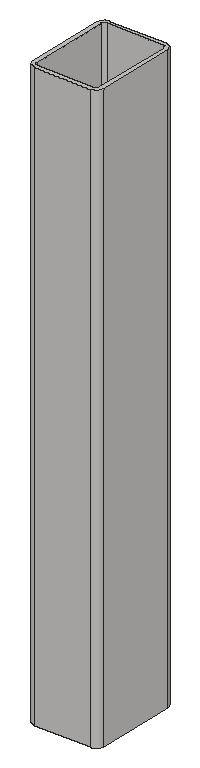
Revit family "NLRS_28_SC_RHS", category Structural Columns, Revit 2020
Family settings
  Section Shape = Rectangular HSS
  Material for Model Behavior = Steel
  Always export as geometry = No
  Beam cutback in plan = From bounding box
  Code Name = EN 10219-2; DIN EN 10219-2
  Cut with Voids When Loaded = No
  Symbolic Representation = From Project Settings
  Shared = No
  Show family pre-cut in plan views = Yes
Parameters (values of type "K400/300/16")
  Width = 300 mm
  Wall Nominal Thickness = 16 mm
  Wall Design Thickness = 16.0 mm
  Type Comments = ""
  Torsional Moment of Inertia = 58730.00 cm4
  Torsional Modulus = 3159.0 cm³
  Structural Material [instance] = h3_Structural Steel - S235
  Section Name Key = "RHS400X300X16"
  Section Area = 203.0 cm²
  Plastic Modulus weak axis = 2228.0 cm³
  Plastic Modulus strong axis = 2708.0 cm³
  Perimeter = 1.32 m²/m
  Outer Fillet = 32 mm
  Nominal Weight = 159.00 kgf/m
  Moment of Inertia weak axis = 28535.00 cm4
  Moment of Inertia strong axis = 44350.00 cm4
  Inner Fillet = 16 mm
  Height = 400 mm
  Elastic Modulus weak axis = 1902.0 cm³
  Elastic Modulus strong axis = 2218.0 cm³
  Centroid Vertical = Height / 2  # 200.0 mm
  Centroid Horizontal = Width / 2  # 150.0 mm
  Assembly Code = "2B(28.10)"
Types (163, lengths in mm): name | Width | Wall Nominal Thickness | Wall Design Thickness | Torsional Moment of Inertia | Torsional Modulus | Section Name Key | Section Area | Plastic Modulus weak axis | Plastic Modulus strong axis | Perimeter | Outer Fillet | Nominal Weight | Moment of Inertia weak axis | Moment of Inertia strong axis | Inner Fillet | Height | Elastic Modulus weak axis | Elastic Modulus strong axis | Centroid Vertical | Centroid Horizontal
  K400/300/16 | 300 | 16 | 16.0 | 58730.00 cm4 | 3159.0 cm³ | "RHS400X300X16" | 203.0 cm² | 2228.0 cm³ | 2708.0 cm³ | 1.32 m²/m | 32 | 159.00 kgf/m | 28535.00 cm4 | 44350.00 cm4 | 16 | 400 | 1902.0 cm³ | 2218.0 cm³ | 200.0 | 150.0
  K400/300/12.5 | 300 | 12.5 | 12.5 | 47237.00 cm4 | 2580.0 cm³ | "RHS400X300X12.5" | 162.0 cm² | 1810.0 cm³ | 2198.0 cm³ | 1.34 m²/m | 25 | 127.00 kgf/m | 23517.00 cm4 | 36489.00 cm4 | 12.5 | 400 | 1568.0 cm³ | 1824.0 cm³ | 200.0 | 150.0
  K400/300/12 | 300 | 12 | 12.0 | 45527.00 cm4 | 2492.0 cm³ | "R400X300X12" | 156.0 cm² | 1747.0 cm³ | 2122.0 cm³ | 1.34 m²/m | 24 | 123.00 kgf/m | 22747.00 cm4 | 35284.00 cm4 | 12 | 400 | 1516.0 cm³ | 1764.0 cm³ | 200.0 | 150.0
  K400/300/10 | 300 | 10 | 10.0 | 38407.00 cm4 | 2132.0 cm³ | "R400X300X10" | 133.0 cm² | 1501.0 cm³ | 1824.0 cm³ | 1.36 m²/m | 20 | 104.00 kgf/m | 19726.00 cm4 | 30609.00 cm4 | 10 | 400 | 1315.0 cm³ | 1530.0 cm³ | 200.0 | 150.0
  K400/300/8 | 300 | 8 | 8.0 | 31179.00 cm4 | 1747.0 cm³ | "R400X300X8" | 107.0 cm² | 1224.0 cm³ | 1487.0 cm³ | 1.37 m²/m | 16 | 84.20 kgf/m | 16212.00 cm4 | 25122.00 cm4 | 8 | 400 | 1081.0 cm³ | 1256.0 cm³ | 200.0 | 150.0
  K400/200/16 | 200 | 16 | 16.0 | 28928.00 cm4 | 1984.0 cm³ | "RHS400X200X16" | 171.0 cm² | 1294.0 cm³ | 2093.0 cm³ | 1.12 m²/m | 32 | 134.00 kgf/m | 11056.00 cm4 | 32547.00 cm4 | 16 | 400 | 1106.0 cm³ | 1627.0 cm³ | 200.0 | 100.0
  K400/200/12.5 | 200 | 12.5 | 12.5 | 23594.00 cm4 | 1644.0 cm³ | "R400X200X12.5" | 137.0 cm² | 1062.0 cm³ | 1714.0 cm³ | 1.14 m²/m | 25 | 108.00 kgf/m | 9260.00 cm4 | 27100.00 cm4 | 12.5 | 400 | 926.0 cm³ | 1355.0 cm³ | 200.0 | 100.0
  K400/200/8 | 200 | 8 | 8.0 | 15820.00 cm4 | 1133.0 cm³ | "R400X200X8" | 91.2 cm² | 728.0 cm³ | 1173.0 cm³ | 1.17 m²/m | 16 | 71.60 kgf/m | 6517.00 cm4 | 18974.00 cm4 | 8 | 400 | 652.0 cm³ | 949.0 cm³ | 200.0 | 100.0
  K350/250/16 | 250 | 16 | 16.0 | 35497.00 cm4 | 2220.0 cm³ | "RHS350X250X16" | 171.0 cm² | 1554.0 cm³ | 1954.0 cm³ | 1.12 m²/m | 32 | 134.00 kgf/m | 16434.00 cm4 | 27580.00 cm4 | 16 | 350 | 1315.0 cm³ | 1576.0 cm³ | 175.0 | 125.0
  K350/250/12.5 | 250 | 12.5 | 12.5 | 28764.00 cm4 | 1830.0 cm³ | "RHS350X250X12.5" | 137.0 cm² | 1272.0 cm³ | 1598.0 cm³ | 1.14 m²/m | 25 | 108.00 kgf/m | 13690.00 cm4 | 22922.00 cm4 | 12.5 | 350 | 1095.0 cm³ | 1310.0 cm³ | 175.0 | 125.0
  K350/250/12 | 250 | 12 | 12.0 | 27749.00 cm4 | 1770.0 cm³ | "R350X250X12" | 132.0 cm² | 1229.0 cm³ | 1544.0 cm³ | 1.14 m²/m | 24 | 104.00 kgf/m | 13261.00 cm4 | 22197.00 cm4 | 12 | 350 | 1061.0 cm³ | 1268.0 cm³ | 175.0 | 125.0
  K350/250/10 | 250 | 10 | 10.0 | 23500.00 cm4 | 1522.0 cm³ | "R350X250X10" | 113.0 cm² | 1062.0 cm³ | 1335.0 cm³ | 1.16 m²/m | 20 | 88.40 kgf/m | 11588.00 cm4 | 19407.00 cm4 | 10 | 350 | 927.0 cm³ | 1109.0 cm³ | 175.0 | 125.0
  K350/250/8 | 250 | 8 | 8.0 | 19136.00 cm4 | 1253.0 cm³ | "R350X250X8" | 91.2 cm² | 869.0 cm³ | 1092.0 cm³ | 1.17 m²/m | 16 | 71.60 kgf/m | 9573.00 cm4 | 16001.00 cm4 | 8 | 350 | 766.0 cm³ | 914.0 cm³ | 175.0 | 125.0
  K350/250/6.3 | 250 | 6.3 | 6.3 | 15291.00 cm4 | 1010.0 cm³ | "R350X250X6.3" | 72.6 cm² | 698.0 cm³ | 876.0 cm³ | 1.17 m²/m | 12.6 | 57.00 kgf/m | 7744.00 cm4 | 12923.00 cm4 | 6.3 | 350 | 620.0 cm³ | 738.0 cm³ | 175.0 | 125.0
  K350/250/6 | 250 | 6 | 6.0 | 14554.00 cm4 | 967.0 cm³ | "RHS350X250X6" | 69.6 cm² | 671.0 cm³ | 843.0 cm³ | 1.18 m²/m | 12 | 54.70 kgf/m | 7458.00 cm4 | 12457.00 cm4 | 6 | 350 | 597.0 cm³ | 712.0 cm³ | 175.0 | 125.0
  K300/200/16 | 200 | 16 | 16.0 | 19223.00 cm4 | 1442.0 cm³ | "RHS300X200X16" | 139.0 cm² | 1000.0 cm³ | 1319.0 cm³ | 0.92 m²/m | 32 | 109.00 kgf/m | 8340.00 cm4 | 15617.00 cm4 | 16 | 300 | 834.0 cm³ | 1041.0 cm³ | 150.0 | 100.0
  K300/200/12.5 | 200 | 12.5 | 12.5 | 15768.00 cm4 | 1204.0 cm³ | "R300X200X12.5" | 112.0 cm² | 828.0 cm³ | 1091.0 cm³ | 0.94 m²/m | 25 | 88.00 kgf/m | 7060.00 cm4 | 13179.00 cm4 | 12.5 | 300 | 706.0 cm³ | 879.0 cm³ | 150.0 | 100.0
  K300/200/12 | 200 | 12 | 12.0 | 15236.00 cm4 | 1167.0 cm³ | "RHS300X200X12" | 108.0 cm² | 801.0 cm³ | 1056.0 cm³ | 0.94 m²/m | 24 | 84.80 kgf/m | 6854.00 cm4 | 12788.00 cm4 | 12 | 300 | 685.0 cm³ | 853.0 cm³ | 150.0 | 100.0
  K300/200/10 | 200 | 10 | 10.0 | 12987.00 cm4 | 1012.0 cm³ | "R300X200X10" | 92.6 cm² | 698.0 cm³ | 921.0 cm³ | 0.96 m²/m | 20 | 72.70 kgf/m | 6058.00 cm4 | 11313.00 cm4 | 10 | 300 | 606.0 cm³ | 754.0 cm³ | 150.0 | 100.0
  K300/200/8 | 200 | 8 | 8.0 | 10627.00 cm4 | 838.0 cm³ | "R300X200X8" | 75.2 cm² | 574.0 cm³ | 757.0 cm³ | 0.97 m²/m | 16 | 59.10 kgf/m | 5042.00 cm4 | 9389.00 cm4 | 8 | 300 | 504.0 cm³ | 626.0 cm³ | 150.0 | 100.0
  K300/200/6.3 | 200 | 6.3 | 6.3 | 8524.00 cm4 | 680.0 cm³ | "R300X200X6.3" | 60.0 cm² | 463.0 cm³ | 610.0 cm³ | 0.97 m²/m | 12.6 | 47.10 kgf/m | 4104.00 cm4 | 7624.00 cm4 | 6.3 | 300 | 410.0 cm³ | 508.0 cm³ | 150.0 | 100.0
  K300/200/6 | 200 | 6 | 6.0 | 8115.00 cm4 | 651.0 cm³ | "RHS300X200X6" | 57.6 cm² | 446.0 cm³ | 588.0 cm³ | 0.98 m²/m | 12 | 45.20 kgf/m | 3962.00 cm4 | 7370.00 cm4 | 6 | 300 | 396.0 cm³ | 491.0 cm³ | 150.0 | 100.0
  K300/150/16 | 150 | 16 | 16.0 | 11328.00 cm4 | 1015.0 cm³ | "RHS300X150X16" | 123.0 cm² | 673.0 cm³ | 1092.0 cm³ | 0.82 m²/m | 32 | 96.40 kgf/m | 4174.00 cm4 | 12387.00 cm4 | 16 | 300 | 557.0 cm³ | 826.0 cm³ | 150.0 | 75.0
  K300/150/12.5 | 150 | 12.5 | 12.5 | 9452.00 cm4 | 862.0 cm³ | "RHS300X150X12.5" | 99.5 cm² | 563.0 cm³ | 912.0 cm³ | 0.84 m²/m | 25 | 78.10 kgf/m | 3595.00 cm4 | 10594.00 cm4 | 12.5 | 300 | 479.0 cm³ | 706.0 cm³ | 150.0 | 75.0
  K300/150/12 | 150 | 12 | 12.0 | 9153.00 cm4 | 837.0 cm³ | "RHS300X150X12" | 96.1 cm² | 546.0 cm³ | 883.0 cm³ | 0.84 m²/m | 24 | 75.40 kgf/m | 3498.00 cm4 | 10298.00 cm4 | 12 | 300 | 466.0 cm³ | 687.0 cm³ | 150.0 | 75.0
  K300/150/10 | 150 | 10 | 10.0 | 7879.00 cm4 | 733.0 cm³ | "RHS300X150X10" | 82.6 cm² | 479.0 cm³ | 776.0 cm³ | 0.86 m²/m | 20 | 64.80 kgf/m | 3125.00 cm4 | 9209.00 cm4 | 10 | 300 | 417.0 cm³ | 614.0 cm³ | 150.0 | 75.0
  K300/150/8 | 150 | 8 | 8.0 | 6491.00 cm4 | 612.0 cm³ | "RHS300X150X8" | 67.2 cm² | 396.0 cm³ | 640.0 cm³ | 0.87 m²/m | 16 | 52.80 kgf/m | 2623.00 cm4 | 7684.00 cm4 | 8 | 300 | 350.0 cm³ | 512.0 cm³ | 150.0 | 75.0
  K300/150/6.3 | 150 | 6.3 | 6.3 | 5234.00 cm4 | 499.0 cm³ | "RHS300X150X6.3" | 53.7 cm² | 321.0 cm³ | 517.0 cm³ | 0.87 m²/m | 12.6 | 42.20 kgf/m | 2150.00 cm4 | 6266.00 cm4 | 6.3 | 300 | 287.0 cm³ | 418.0 cm³ | 150.0 | 75.0
  K300/150/6 | 150 | 6 | 6.0 | 4988.00 cm4 | 479.0 cm³ | "RHS300X150X6" | 51.6 cm² | 309.0 cm³ | 500.0 cm³ | 0.88 m²/m | 12 | 40.50 kgf/m | 2080.00 cm4 | 6074.00 cm4 | 6 | 300 | 277.0 cm³ | 405.0 cm³ | 150.0 | 75.0
  K300/100/16 | 100 | 16 | 16.0 | 4939.00 cm4 | 592.0 cm³ | "RHS300X100X16" | 107.0 cm² | 386.0 cm³ | 865.0 cm³ | 0.72 m²/m | 32 | 83.80 kgf/m | 1543.00 cm4 | 9157.00 cm4 | 16 | 300 | 309.0 cm³ | 610.0 cm³ | 150.0 | 50.0
  K300/100/12.5 | 100 | 12.5 | 12.5 | 4292.00 cm4 | 521.0 cm³ | "RHS300X100X12.5" | 87.0 cm² | 330.0 cm³ | 732.0 cm³ | 0.74 m²/m | 25 | 68.30 kgf/m | 1374.00 cm4 | 8010.00 cm4 | 12.5 | 300 | 275.0 cm³ | 534.0 cm³ | 150.0 | 50.0
  K300/100/12 | 100 | 12 | 12.0 | 4177.00 cm4 | 508.0 cm³ | "R300X100X12" | 84.1 cm² | 321.0 cm³ | 710.0 cm³ | 0.74 m²/m | 24 | 66.00 kgf/m | 1343.00 cm4 | 7808.00 cm4 | 12 | 300 | 269.0 cm³ | 521.0 cm³ | 150.0 | 50.0
  K300/100/10 | 100 | 10 | 10.0 | 3681.00 cm4 | 455.0 cm³ | "R300X100X10" | 72.6 cm² | 285.0 cm³ | 631.0 cm³ | 0.76 m²/m | 20 | 57.00 kgf/m | 1224.00 cm4 | 7106.00 cm4 | 10 | 300 | 245.0 cm³ | 474.0 cm³ | 150.0 | 50.0
  K300/100/8 | 100 | 8 | 8.0 | 3080.00 cm4 | 385.0 cm³ | "RHS300X100X8" | 59.2 cm² | 238.0 cm³ | 523.0 cm³ | 0.77 m²/m | 16 | 46.50 kgf/m | 1045.00 cm4 | 5978.00 cm4 | 8 | 300 | 209.0 cm³ | 399.0 cm³ | 150.0 | 50.0
  K300/100/6.3 | 100 | 6.3 | 6.3 | 2515.00 cm4 | 318.0 cm³ | "R300X100X6.3" | 47.4 cm² | 194.0 cm³ | 425.0 cm³ | 0.77 m²/m | 12.6 | 37.20 kgf/m | 868.00 cm4 | 4907.00 cm4 | 6.3 | 300 | 174.0 cm³ | 327.0 cm³ | 150.0 | 50.0
  K300/100/6 | 100 | 6 | 6.0 | 2403.00 cm4 | 306.0 cm³ | "RHS300X100X6" | 45.6 cm² | 188.0 cm³ | 411.0 cm³ | 0.78 m²/m | 12 | 35.80 kgf/m | 842.00 cm4 | 4777.00 cm4 | 6 | 300 | 168.0 cm³ | 318.0 cm³ | 150.0 | 50.0
  K260/180/16 | 180 | 16 | 16.0 | 12890.00 cm4 | 1079.0 cm³ | "RHS260X180X16" | 120.0 cm² | 759.0 cm³ | 977.0 cm³ | 0.80 m²/m | 32 | 93.90 kgf/m | 5614.00 cm4 | 9923.00 cm4 | 16 | 260 | 624.0 cm³ | 763.0 cm³ | 130.0 | 90.0
  K260/180/12.5 | 180 | 12.5 | 12.5 | 10676.00 cm4 | 911.0 cm³ | "R260X180X12.5" | 97.0 cm² | 635.0 cm³ | 815.0 cm³ | 0.82 m²/m | 25 | 76.20 kgf/m | 4812.00 cm4 | 8482.00 cm4 | 12.5 | 260 | 535.0 cm³ | 652.0 cm³ | 130.0 | 90.0
  K260/180/12 | 180 | 12 | 12.0 | 10328.00 cm4 | 884.0 cm³ | "RHS260X180X12" | 93.7 cm² | 615.0 cm³ | 790.0 cm³ | 0.82 m²/m | 24 | 73.50 kgf/m | 4679.00 cm4 | 8245.00 cm4 | 12 | 260 | 520.0 cm³ | 634.0 cm³ | 130.0 | 90.0
  K260/180/10 | 180 | 10 | 10.0 | 8850.00 cm4 | 772.0 cm³ | "R260X180X10" | 80.6 cm² | 540.0 cm³ | 694.0 cm³ | 0.84 m²/m | 20 | 63.20 kgf/m | 4174.00 cm4 | 7363.00 cm4 | 10 | 260 | 464.0 cm³ | 566.0 cm³ | 130.0 | 90.0
  K260/180/8 | 180 | 8 | 8.0 | 7267.00 cm4 | 642.0 cm³ | "R260X180X8" | 65.6 cm² | 446.0 cm³ | 573.0 cm³ | 0.85 m²/m | 16 | 51.50 kgf/m | 3493.00 cm4 | 6145.00 cm4 | 8 | 260 | 388.0 cm³ | 473.0 cm³ | 130.0 | 90.0
  K260/180/6.3 | 180 | 6.3 | 6.3 | 5844.00 cm4 | 523.0 cm³ | "R260X180X6.3" | 52.5 cm² | 361.0 cm³ | 463.0 cm³ | 0.85 m²/m | 12.6 | 41.20 kgf/m | 2856.00 cm4 | 5013.00 cm4 | 6.3 | 260 | 317.0 cm³ | 386.0 cm³ | 130.0 | 90.0
  K260/180/5 | 180 | 5 | 5.0 | 4695.00 cm4 | 426.0 cm³ | "R260X180X5" | 42.4 cm² | 294.0 cm³ | 377.0 cm³ | 0.86 m²/m | 10 | 33.20 kgf/m | 2350.00 cm4 | 4121.00 cm4 | 5 | 260 | 261.0 cm³ | 317.0 cm³ | 130.0 | 90.0
  K250/150/16 | 150 | 16 | 16.0 | 8713.00 cm4 | 823.0 cm³ | "RHS250X150X16" | 106.8 cm² | 566.0 cm³ | 805.0 cm³ | 0.72 m²/m | 32 | 83.80 kgf/m | 3453.00 cm4 | 7660.00 cm4 | 16 | 250 | 460.0 cm³ | 613.0 cm³ | 125.0 | 75.0
  K250/150/12.5 | 150 | 12.5 | 12.5 | 7315.00 cm4 | 704.0 cm³ | "R250X150X12.5" | 87.0 cm² | 477.0 cm³ | 678.0 cm³ | 0.74 m²/m | 25 | 68.30 kgf/m | 3002.00 cm4 | 6633.00 cm4 | 12.5 | 250 | 400.0 cm³ | 531.0 cm³ | 125.0 | 75.0
  K250/150/12 | 150 | 12 | 12.0 | 7088.00 cm4 | 684.0 cm³ | "RHS250X150X12" | 84.1 cm² | 463.0 cm³ | 658.0 cm³ | 0.74 m²/m | 24 | 66.00 kgf/m | 2925.00 cm4 | 6458.00 cm4 | 12 | 250 | 390.0 cm³ | 517.0 cm³ | 125.0 | 75.0
  K250/150/10 | 150 | 10 | 10.0 | 6121.00 cm4 | 602.0 cm³ | "R250X150X10" | 72.6 cm² | 409.0 cm³ | 582.0 cm³ | 0.76 m²/m | 20 | 57.00 kgf/m | 2634.00 cm4 | 5825.00 cm4 | 10 | 250 | 351.0 cm³ | 466.0 cm³ | 125.0 | 75.0
  K250/150/8 | 150 | 8 | 8.0 | 5050.00 cm4 | 504.0 cm³ | "R250X150X8" | 59.2 cm² | 340.0 cm³ | 482.0 cm³ | 0.77 m²/m | 16 | 46.50 kgf/m | 2219.00 cm4 | 4886.00 cm4 | 8 | 250 | 296.0 cm³ | 391.0 cm³ | 125.0 | 75.0
  K250/150/6.3 | 150 | 6.3 | 6.3 | 4078.00 cm4 | 412.0 cm³ | "R250X150X6.3" | 47.4 cm² | 276.0 cm³ | 391.0 cm³ | 0.77 m²/m | 12.6 | 37.20 kgf/m | 1825.00 cm4 | 4001.00 cm4 | 6.3 | 250 | 243.0 cm³ | 320.0 cm³ | 125.0 | 75.0
  K250/150/6 | 150 | 6 | 6.0 | 3886.00 cm4 | 396.0 cm³ | "RHS250X150X6" | 45.6 cm² | 266.0 cm³ | 378.0 cm³ | 0.78 m²/m | 12 | 35.80 kgf/m | 1768.00 cm4 | 3886.00 cm4 | 6 | 250 | 236.0 cm³ | 311.0 cm³ | 125.0 | 75.0
  K250/150/5 | 150 | 5 | 5.0 | 3285.00 cm4 | 337.0 cm³ | "R250X150X5" | 38.4 cm² | 225.0 cm³ | 320.0 cm³ | 0.78 m²/m | 10 | 30.10 kgf/m | 1508.00 cm4 | 3304.00 cm4 | 5 | 250 | 201.0 cm³ | 264.0 cm³ | 125.0 | 75.0
  K200/120/12.5 | 120 | 12.5 | 12.5 | 3514.00 cm4 | 416.0 cm³ | "RHS200X120X12.5" | 67.0 cm² | 285.0 cm³ | 406.0 cm³ | 0.58 m²/m | 25 | 52.60 kgf/m | 1397.00 cm4 | 3099.00 cm4 | 12.5 | 200 | 233.0 cm³ | 310.0 cm³ | 100.0 | 60.0
  K200/120/12 | 120 | 12 | 12.0 | 3419.00 cm4 | 406.0 cm³ | "RHS200X120X12" | 64.9 cm² | 278.0 cm³ | 395.0 cm³ | 0.58 m²/m | 24 | 50.90 kgf/m | 1368.00 cm4 | 3031.00 cm4 | 12 | 200 | 228.0 cm³ | 303.0 cm³ | 100.0 | 60.0
  K200/120/10 | 120 | 10 | 10.0 | 3007.00 cm4 | 364.0 cm³ | "R200X120X10" | 56.6 cm² | 250.0 cm³ | 356.0 cm³ | 0.60 m²/m | 20 | 44.40 kgf/m | 1262.00 cm4 | 2806.00 cm4 | 10 | 200 | 210.0 cm³ | 281.0 cm³ | 100.0 | 60.0
  K200/120/8 | 120 | 8 | 8.0 | 2507.00 cm4 | 308.0 cm³ | "R200X120X8" | 46.4 cm² | 209.0 cm³ | 298.0 cm³ | 0.61 m²/m | 16 | 36.50 kgf/m | 1079.00 cm4 | 2386.00 cm4 | 8 | 200 | 180.0 cm³ | 239.0 cm³ | 100.0 | 60.0
  K200/120/6.3 | 120 | 6.3 | 6.3 | 2040.00 cm4 | 255.0 cm³ | "R200X120X6.3" | 37.4 cm² | 172.0 cm³ | 244.0 cm³ | 0.61 m²/m | 12.6 | 29.30 kgf/m | 898.00 cm4 | 1976.00 cm4 | 6.3 | 200 | 150.0 cm³ | 198.0 cm³ | 100.0 | 60.0
  K200/120/6 | 120 | 6 | 6.0 | 1947.00 cm4 | 245.0 cm³ | "RHS200X120X6" | 36.0 cm² | 166.0 cm³ | 237.0 cm³ | 0.62 m²/m | 12 | 28.30 kgf/m | 874.00 cm4 | 1929.00 cm4 | 6 | 200 | 146.0 cm³ | 193.0 cm³ | 100.0 | 60.0
  K200/120/5 | 120 | 5 | 5.0 | 1652.00 cm4 | 210.0 cm³ | "R200X120X5" | 30.4 cm² | 141.0 cm³ | 201.0 cm³ | 0.62 m²/m | 10 | 23.80 kgf/m | 750.00 cm4 | 1649.00 cm4 | 5 | 200 | 125.0 cm³ | 165.0 cm³ | 100.0 | 60.0
  K200/120/4 | 120 | 4 | 4.0 | 1345.00 cm4 | 172.0 cm³ | "R200X120X4" | 24.5 cm² | 115.0 cm³ | 164.0 cm³ | 0.63 m²/m | 8 | 19.30 kgf/m | 618.00 cm4 | 1353.00 cm4 | 4 | 200 | 103.0 cm³ | 135.0 cm³ | 100.0 | 60.0
  K200/100/12.5 | 100 | 12.5 | 12.5 | 2474.00 cm4 | 329.0 cm³ | "RHS200X100X12.5" | 62.0 cm² | 221.0 cm³ | 359.0 cm³ | 0.54 m²/m | 25 | 48.70 kgf/m | 892.00 cm4 | 2659.00 cm4 | 12.5 | 200 | 178.0 cm³ | 266.0 cm³ | 100.0 | 50.0
  K200/100/12 | 100 | 12 | 12.0 | 2414.00 cm4 | 322.0 cm³ | "RHS200X100X12" | 60.1 cm² | 215.0 cm³ | 350.0 cm³ | 0.54 m²/m | 24 | 47.10 kgf/m | 876.00 cm4 | 2607.00 cm4 | 12 | 200 | 175.0 cm³ | 261.0 cm³ | 100.0 | 50.0
  K200/100/10 | 100 | 10 | 10.0 | 2154.00 cm4 | 292.0 cm³ | "R200X100X10" | 52.6 cm² | 195.0 cm³ | 318.0 cm³ | 0.56 m²/m | 20 | 41.30 kgf/m | 818.00 cm4 | 2444.00 cm4 | 10 | 200 | 164.0 cm³ | 244.0 cm³ | 100.0 | 50.0
  K200/100/8 | 100 | 8 | 8.0 | 1811.00 cm4 | 250.0 cm³ | "R200X100X8" | 43.2 cm² | 165.0 cm³ | 267.0 cm³ | 0.57 m²/m | 16 | 33.90 kgf/m | 705.00 cm4 | 2091.00 cm4 | 8 | 200 | 141.0 cm³ | 209.0 cm³ | 100.0 | 50.0
  K200/100/6.3 | 100 | 6.3 | 6.3 | 1483.00 cm4 | 208.0 cm³ | "R200X100X6.3" | 34.8 cm² | 135.0 cm³ | 219.0 cm³ | 0.57 m²/m | 12.6 | 27.40 kgf/m | 591.00 cm4 | 1739.00 cm4 | 6.3 | 200 | 118.0 cm³ | 174.0 cm³ | 100.0 | 50.0
  K200/100/6 | 100 | 6 | 6.0 | 1417.00 cm4 | 200.0 cm³ | "RHS200X100X6" | 33.6 cm² | 132.0 cm³ | 213.0 cm³ | 0.58 m²/m | 12 | 26.40 kgf/m | 577.00 cm4 | 1703.00 cm4 | 6 | 200 | 115.0 cm³ | 170.0 cm³ | 100.0 | 50.0
  K200/100/5 | 100 | 5 | 5.0 | 1206.00 cm4 | 172.0 cm³ | "R200X100X5" | 28.4 cm² | 112.0 cm³ | 181.0 cm³ | 0.58 m²/m | 10 | 22.30 kgf/m | 497.00 cm4 | 1459.00 cm4 | 5 | 200 | 99.4 cm³ | 146.0 cm³ | 100.0 | 50.0
  K200/100/4 | 100 | 4 | 4.0 | 985.00 cm4 | 142.0 cm³ | "R200X100X4" | 22.9 cm² | 91.7 cm³ | 148.0 cm³ | 0.59 m²/m | 8 | 18.00 kgf/m | 411.00 cm4 | 1200.00 cm4 | 4 | 200 | 82.2 cm³ | 120.0 cm³ | 100.0 | 50.0
  K180/100/12.5 | 100 | 12.5 | 12.5 | 2122.00 cm4 | 290.0 cm³ | "RHS180X100X12.5" | 57.0 cm² | 199.0 cm³ | 300.0 cm³ | 0.50 m²/m | 25 | 44.80 kgf/m | 796.00 cm4 | 2001.00 cm4 | 12.5 | 180 | 159.0 cm³ | 222.0 cm³ | 90.0 | 50.0
  K180/100/12 | 100 | 12 | 12.0 | 2073.00 cm4 | 285.0 cm³ | "RHS180X100X12" | 55.3 cm² | 194.0 cm³ | 292.0 cm³ | 0.50 m²/m | 24 | 43.40 kgf/m | 782.00 cm4 | 1965.00 cm4 | 12 | 180 | 156.0 cm³ | 218.0 cm³ | 90.0 | 50.0
  K180/100/10 | 100 | 10 | 10.0 | 1859.00 cm4 | 260.0 cm³ | "R180X100X10" | 48.6 cm² | 177.0 cm³ | 268.0 cm³ | 0.52 m²/m | 20 | 38.10 kgf/m | 736.00 cm4 | 1859.00 cm4 | 10 | 180 | 147.0 cm³ | 207.0 cm³ | 90.0 | 50.0
  K180/100/8 | 100 | 8 | 8.0 | 1565.00 cm4 | 222.0 cm³ | "R180X100X8" | 40.0 cm² | 150.0 cm³ | 226.0 cm³ | 0.53 m²/m | 16 | 31.40 kgf/m | 637.00 cm4 | 1598.00 cm4 | 8 | 180 | 127.0 cm³ | 178.0 cm³ | 90.0 | 50.0
  K180/100/6.3 | 100 | 6.3 | 6.3 | 1283.00 cm4 | 185.0 cm³ | "R180X100X6.3" | 32.3 cm² | 124.0 cm³ | 186.0 cm³ | 0.53 m²/m | 12.6 | 25.40 kgf/m | 536.00 cm4 | 1335.00 cm4 | 6.3 | 180 | 107.0 cm³ | 148.0 cm³ | 90.0 | 50.0
  K180/100/6 | 100 | 6 | 6.0 | 1227.00 cm4 | 179.0 cm³ | "RHS180X100X6" | 31.2 cm² | 120.0 cm³ | 181.0 cm³ | 0.54 m²/m | 12 | 24.50 kgf/m | 524.00 cm4 | 1310.00 cm4 | 6 | 180 | 105.0 cm³ | 146.0 cm³ | 90.0 | 50.0
  K180/100/5 | 100 | 5 | 5.0 | 1045.00 cm4 | 154.0 cm³ | "R180X100X5" | 26.4 cm² | 103.0 cm³ | 154.0 cm³ | 0.54 m²/m | 10 | 20.70 kgf/m | 452.00 cm4 | 1124.00 cm4 | 5 | 180 | 90.4 cm³ | 125.0 cm³ | 90.0 | 50.0
  K180/100/4 | 100 | 4 | 4.0 | 854.00 cm4 | 127.0 cm³ | "R180X100X4" | 21.3 cm² | 84.0 cm³ | 126.0 cm³ | 0.55 m²/m | 8 | 16.80 kgf/m | 374.00 cm4 | 926.00 cm4 | 4 | 180 | 74.8 cm³ | 103.0 cm³ | 90.0 | 50.0
  K160/80/12.5 | 80 | 12.5 | 12.5 | 1129.00 cm4 | 185.0 cm³ | "RHS160X80X12.5" | 47.0 cm² | 127.0 cm³ | 208.0 cm³ | 0.42 m²/m | 25 | 36.90 kgf/m | 396.00 cm4 | 1185.00 cm4 | 12.5 | 160 | 98.9 cm³ | 148.0 cm³ | 80.0 | 40.0
  K160/80/12 | 80 | 12 | 12.0 | 1111.00 cm4 | 183.0 cm³ | "RHS160X80X12" | 45.7 cm² | 125.0 cm³ | 204.0 cm³ | 0.42 m²/m | 24 | 35.80 kgf/m | 391.00 cm4 | 1171.00 cm4 | 12 | 160 | 97.8 cm³ | 146.0 cm³ | 80.0 | 40.0
  K160/80/10 | 80 | 10 | 10.0 | 1031.00 cm4 | 172.0 cm³ | "RHS160X80X10" | 40.6 cm² | 117.0 cm³ | 191.0 cm³ | 0.44 m²/m | 20 | 31.80 kgf/m | 380.00 cm4 | 1146.00 cm4 | 10 | 160 | 95.0 cm³ | 143.0 cm³ | 80.0 | 40.0
  K160/80/8 | 80 | 8 | 8.0 | 882.00 cm4 | 150.0 cm³ | "R160X80X8" | 33.6 cm² | 100.0 cm³ | 163.0 cm³ | 0.45 m²/m | 16 | 26.40 kgf/m | 335.00 cm4 | 1001.00 cm4 | 8 | 160 | 83.7 cm³ | 125.0 cm³ | 80.0 | 40.0
  K160/80/6.3 | 80 | 6.3 | 6.3 | 732.00 cm4 | 126.0 cm³ | "R160X80X6.3" | 27.3 cm² | 83.3 cm³ | 135.0 cm³ | 0.45 m²/m | 12.6 | 21.40 kgf/m | 286.00 cm4 | 846.00 cm4 | 6.3 | 160 | 71.4 cm³ | 106.0 cm³ | 80.0 | 40.0
  K160/80/6 | 80 | 6 | 6.0 | 702.00 cm4 | 122.0 cm³ | "RHS160X80X6" | 26.4 cm² | 81.3 cm³ | 132.0 cm³ | 0.46 m²/m | 12 | 20.70 kgf/m | 281.00 cm4 | 836.00 cm4 | 6 | 160 | 70.2 cm³ | 105.0 cm³ | 80.0 | 40.0
  K160/80/5 | 80 | 5 | 5.0 | 601.00 cm4 | 106.0 cm³ | "R160X80X5" | 22.4 cm² | 69.7 cm³ | 113.0 cm³ | 0.46 m²/m | 10 | 17.50 kgf/m | 244.00 cm4 | 722.00 cm4 | 5 | 160 | 61.0 cm³ | 90.2 cm³ | 80.0 | 40.0
  K160/80/4 | 80 | 4 | 4.0 | 494.00 cm4 | 88.0 cm³ | "R160X80X4" | 18.1 cm² | 57.4 cm³ | 92.9 cm³ | 0.47 m²/m | 8 | 14.20 kgf/m | 204.00 cm4 | 598.00 cm4 | 4 | 160 | 50.9 cm³ | 74.7 cm³ | 80.0 | 40.0
  K150/100/12.5 | 100 | 12.5 | 12.5 | 1606.00 cm4 | 233.0 cm³ | "RHS150X100X12.5" | 49.5 cm² | 166.0 cm³ | 220.0 cm³ | 0.44 m²/m | 25 | 38.90 kgf/m | 651.00 cm4 | 1225.00 cm4 | 12.5 | 150 | 130.0 cm³ | 163.0 cm³ | 75.0 | 50.0
  K150/100/12 | 100 | 12 | 12.0 | 1573.00 cm4 | 229.0 cm³ | "RHS150X100X12" | 48.1 cm² | 163.0 cm³ | 215.0 cm³ | 0.44 m²/m | 24 | 37.70 kgf/m | 642.00 cm4 | 1207.00 cm4 | 12 | 150 | 128.0 cm³ | 161.0 cm³ | 75.0 | 50.0
  K150/100/10 | 100 | 10 | 10.0 | 1426.00 cm4 | 211.0 cm³ | "RHS150X100X10" | 42.6 cm² | 150.0 cm³ | 199.0 cm³ | 0.46 m²/m | 20 | 33.40 kgf/m | 614.00 cm4 | 1162.00 cm4 | 10 | 150 | 123.0 cm³ | 155.0 cm³ | 75.0 | 50.0
  K150/100/8 | 100 | 8 | 8.0 | 1206.00 cm4 | 182.0 cm³ | "R150X100X8" | 35.2 cm² | 128.0 cm³ | 169.0 cm³ | 0.47 m²/m | 16 | 27.70 kgf/m | 536.00 cm4 | 1008.00 cm4 | 8 | 150 | 107.0 cm³ | 134.0 cm³ | 75.0 | 50.0
  K150/100/6.3 | 100 | 6.3 | 6.3 | 992.00 cm4 | 152.0 cm³ | "R150X100X6.3" | 28.5 cm² | 106.0 cm³ | 140.0 cm³ | 0.47 m²/m | 12.6 | 22.40 kgf/m | 453.00 cm4 | 848.00 cm4 | 6.3 | 150 | 90.5 cm³ | 113.0 cm³ | 75.0 | 50.0
  K150/100/6 | 100 | 6 | 6.0 | 948.00 cm4 | 147.0 cm³ | "RHS150X100X6" | 27.6 cm² | 103.0 cm³ | 137.0 cm³ | 0.48 m²/m | 12 | 21.70 kgf/m | 444.00 cm4 | 835.00 cm4 | 6 | 150 | 88.8 cm³ | 111.0 cm³ | 75.0 | 50.0
  K150/100/5 | 100 | 5 | 5.0 | 809.00 cm4 | 127.0 cm³ | "R150X100X5" | 23.4 cm² | 88.3 cm³ | 117.0 cm³ | 0.48 m²/m | 10 | 18.30 kgf/m | 384.00 cm4 | 719.00 cm4 | 5 | 150 | 76.8 cm³ | 95.9 cm³ | 75.0 | 50.0
  K150/100/4 | 100 | 4 | 4.0 | 662.00 cm4 | 105.0 cm³ | "R150X100X4" | 18.9 cm² | 72.5 cm³ | 95.7 cm³ | 0.49 m²/m | 8 | 14.90 kgf/m | 319.00 cm4 | 595.00 cm4 | 4 | 150 | 63.7 cm³ | 79.3 cm³ | 75.0 | 50.0
  K140/80/8 | 80 | 8 | 8.0 | 731.00 cm4 | 129.0 cm³ | "RHS140X80X8" | 30.4 cm² | 88.4 cm³ | 131.0 cm³ | 0.41 m²/m | 16 | 23.90 kgf/m | 293.00 cm4 | 708.00 cm4 | 8 | 140 | 73.3 cm³ | 101.0 cm³ | 70.0 | 40.0
  K140/80/6.3 | 80 | 6.3 | 6.3 | 609.00 cm4 | 109.0 cm³ | "R140X80X6.3" | 24.8 cm² | 74.0 cm³ | 109.0 cm³ | 0.41 m²/m | 12.6 | 19.40 kgf/m | 251.00 cm4 | 603.00 cm4 | 6.3 | 140 | 62.9 cm³ | 86.1 cm³ | 70.0 | 40.0
  K140/80/6 | 80 | 6 | 6.0 | 584.00 cm4 | 106.0 cm³ | "RHS140X80X6" | 24.0 cm² | 72.4 cm³ | 107.0 cm³ | 0.42 m²/m | 12 | 18.90 kgf/m | 248.00 cm4 | 597.00 cm4 | 6 | 140 | 62.0 cm³ | 85.3 cm³ | 70.0 | 40.0
  K140/80/5 | 80 | 5 | 5.0 | 501.00 cm4 | 91.8 cm³ | "R140X80X5" | 20.4 cm² | 62.2 cm³ | 91.8 cm³ | 0.42 m²/m | 10 | 16.00 kgf/m | 216.00 cm4 | 517.00 cm4 | 5 | 140 | 54.0 cm³ | 73.9 cm³ | 70.0 | 40.0
  K140/80/4 | 80 | 4 | 4.0 | 412.00 cm4 | 76.5 cm³ | "R140X80X4" | 16.5 cm² | 51.3 cm³ | 75.5 cm³ | 0.43 m²/m | 8 | 13.00 kgf/m | 180.00 cm4 | 430.00 cm4 | 4 | 140 | 45.1 cm³ | 61.4 cm³ | 70.0 | 40.0
  K120/80/8 | 80 | 8 | 8.0 | 584.00 cm4 | 108.0 cm³ | "RHS120X80X8" | 27.2 cm² | 76.9 cm³ | 102.0 cm³ | 0.37 m²/m | 16 | 21.40 kgf/m | 252.00 cm4 | 476.00 cm4 | 8 | 120 | 62.9 cm³ | 79.3 cm³ | 60.0 | 40.0
  K120/80/6.3 | 80 | 6.3 | 6.3 | 488.00 cm4 | 92.1 cm³ | "R120X80X6.3" | 22.2 cm² | 64.7 cm³ | 85.6 cm³ | 0.37 m²/m | 12.6 | 17.50 kgf/m | 217.00 cm4 | 408.00 cm4 | 6.3 | 120 | 54.3 cm³ | 68.1 cm³ | 60.0 | 40.0
  K120/80/6 | 80 | 6 | 6.0 | 469.00 cm4 | 89.4 cm³ | "RHS120X80X6" | 21.6 cm² | 63.5 cm³ | 84.3 cm³ | 0.38 m²/m | 12 | 17.00 kgf/m | 215.00 cm4 | 406.00 cm4 | 6 | 120 | 53.8 cm³ | 67.7 cm³ | 60.0 | 40.0
  K120/80/5 | 80 | 5 | 5.0 | 402.00 cm4 | 77.8 cm³ | "R120X80X5" | 18.4 cm² | 54.7 cm³ | 72.4 cm³ | 0.38 m²/m | 10 | 14.40 kgf/m | 188.00 cm4 | 353.00 cm4 | 5 | 120 | 46.9 cm³ | 58.9 cm³ | 60.0 | 40.0
  K120/80/4 | 80 | 4 | 4.0 | 331.00 cm4 | 64.9 cm³ | "R120X80X4" | 14.9 cm² | 45.2 cm³ | 59.8 cm³ | 0.39 m²/m | 8 | 11.70 kgf/m | 157.00 cm4 | 295.00 cm4 | 4 | 120 | 39.3 cm³ | 49.1 cm³ | 60.0 | 40.0
  K120/80/3 | 80 | 3 | 3.0 | 255.00 cm4 | 50.8 cm³ | "RHS120X80X3" | 11.4 cm² | 35.0 cm³ | 46.2 cm³ | 0.39 m²/m | 6 | 8.96 kgf/m | 123.00 cm4 | 230.00 cm4 | 3 | 120 | 30.9 cm³ | 38.4 cm³ | 60.0 | 40.0
  K120/60/8 | 60 | 8 | 8.0 | 340.00 cm4 | 75.0 cm³ | "RHS120X60X8" | 24.0 cm² | 51.3 cm³ | 84.1 cm³ | 0.33 m²/m | 16 | 18.90 kgf/m | 124.00 cm4 | 375.00 cm4 | 8 | 120 | 41.3 cm³ | 62.6 cm³ | 60.0 | 30.0
  K120/60/6.3 | 60 | 6.3 | 6.3 | 289.00 cm4 | 65.1 cm³ | "R120X60X6.3" | 19.7 cm² | 43.7 cm³ | 71.2 cm³ | 0.33 m²/m | 12.6 | 15.50 kgf/m | 109.00 cm4 | 327.00 cm4 | 6.3 | 120 | 36.4 cm³ | 54.5 cm³ | 60.0 | 30.0
  K120/60/6 | 60 | 6 | 6.0 | 280.00 cm4 | 63.6 cm³ | "RHS120X60X6" | 19.2 cm² | 43.1 cm³ | 70.6 cm³ | 0.34 m²/m | 12 | 15.10 kgf/m | 109.00 cm4 | 328.00 cm4 | 6 | 120 | 36.3 cm³ | 54.7 cm³ | 60.0 | 30.0
  K120/60/5 | 60 | 5 | 5.0 | 242.00 cm4 | 55.8 cm³ | "R120X60X5" | 16.4 cm² | 37.4 cm³ | 60.9 cm³ | 0.34 m²/m | 10 | 12.80 kgf/m | 96.00 cm4 | 287.00 cm4 | 5 | 120 | 32.0 cm³ | 47.8 cm³ | 60.0 | 30.0
  K120/60/4 | 60 | 4 | 4.0 | 201.00 cm4 | 47.0 cm³ | "R120X60X4" | 13.3 cm² | 31.1 cm³ | 50.5 cm³ | 0.35 m²/m | 8 | 10.50 kgf/m | 81.20 cm4 | 241.00 cm4 | 4 | 120 | 27.1 cm³ | 40.1 cm³ | 60.0 | 30.0
  K120/60/3 | 60 | 3 | 3.0 | 156.00 cm4 | 37.1 cm³ | "R120X60X3" | 10.2 cm² | 24.2 cm³ | 39.2 cm³ | 0.35 m²/m | 6 | 8.01 kgf/m | 64.40 cm4 | 189.00 cm4 | 3 | 120 | 21.5 cm³ | 31.5 cm³ | 60.0 | 30.0
  K120/60/2.5 | 60 | 2.5 | 2.5 | 133.00 cm4 | 31.7 cm³ | "RHS120X60X2.5" | 8.59 cm² | 20.6 cm³ | 33.2 cm³ | 0.35 m²/m | 5 | 6.74 kgf/m | 55.20 cm4 | 161.00 cm4 | 2.5 | 120 | 18.4 cm³ | 26.9 cm³ | 60.0 | 30.0
  K100/80/6.3 | 80 | 6.3 | 6.3 | 371.00 cm4 | 75.0 cm³ | "RHS100X80X6.3" | 19.7 cm² | 55.4 cm³ | 64.6 cm³ | 0.33 m²/m | 12.6 | 15.50 kgf/m | 183.00 cm4 | 259.00 cm4 | 6.3 | 100 | 45.7 cm³ | 51.8 cm³ | 50.0 | 40.0
  K100/80/6 | 80 | 6 | 6.0 | 357.00 cm4 | 73.0 cm³ | "RHS100X80X6" | 19.2 cm² | 54.7 cm³ | 63.8 cm³ | 0.34 m²/m | 12 | 15.10 kgf/m | 182.00 cm4 | 258.00 cm4 | 6 | 100 | 45.5 cm³ | 51.7 cm³ | 50.0 | 40.0
  K100/80/5 | 80 | 5 | 5.0 | 308.00 cm4 | 63.7 cm³ | "RHS100X80X5" | 16.4 cm² | 47.2 cm³ | 55.1 cm³ | 0.34 m²/m | 10 | 12.80 kgf/m | 160.00 cm4 | 226.00 cm4 | 5 | 100 | 39.9 cm³ | 45.2 cm³ | 50.0 | 40.0
  K100/80/4 | 80 | 4 | 4.0 | 254.00 cm4 | 53.4 cm³ | "RHS100X80X4" | 13.3 cm² | 39.2 cm³ | 45.6 cm³ | 0.35 m²/m | 8 | 10.50 kgf/m | 134.00 cm4 | 189.00 cm4 | 4 | 100 | 33.5 cm³ | 37.9 cm³ | 50.0 | 40.0
  K100/80/3 | 80 | 3 | 3.0 | 196.00 cm4 | 41.9 cm³ | "RHS100X80X3" | 10.2 cm² | 30.4 cm³ | 35.4 cm³ | 0.35 m²/m | 6 | 8.01 kgf/m | 106.00 cm4 | 149.00 cm4 | 3 | 100 | 26.4 cm³ | 29.8 cm³ | 50.0 | 40.0
  K100/80/2.5 | 80 | 2.5 | 2.5 | 166.00 cm4 | 35.7 cm³ | "RHS100X80X2.5" | 8.59 cm² | 25.8 cm³ | 30.0 cm³ | 0.35 m²/m | 5 | 6.74 kgf/m | 90.20 cm4 | 127.00 cm4 | 2.5 | 100 | 22.5 cm³ | 25.4 cm³ | 50.0 | 40.0
  K100/60/6.3 | 60 | 6.3 | 6.3 | 223.00 cm4 | 53.0 cm³ | "R100X60X6.3" | 17.2 cm² | 36.9 cm³ | 52.8 cm³ | 0.29 m²/m | 12.6 | 13.50 kgf/m | 90.90 cm4 | 203.00 cm4 | 6.3 | 100 | 30.3 cm³ | 40.7 cm³ | 50.0 | 30.0
  K100/60/6 | 60 | 6 | 6.0 | 216.00 cm4 | 51.9 cm³ | "RHS100X60X6" | 16.8 cm² | 36.6 cm³ | 52.5 cm³ | 0.30 m²/m | 12 | 13.20 kgf/m | 91.20 cm4 | 205.00 cm4 | 6 | 100 | 30.4 cm³ | 41.1 cm³ | 50.0 | 30.0
  K100/60/5 | 60 | 5 | 5.0 | 188.00 cm4 | 45.8 cm³ | "R100X60X5" | 14.4 cm² | 31.9 cm³ | 45.6 cm³ | 0.30 m²/m | 10 | 11.30 kgf/m | 80.80 cm4 | 181.00 cm4 | 5 | 100 | 26.9 cm³ | 36.2 cm³ | 50.0 | 30.0
  K100/60/4 | 60 | 4 | 4.0 | 156.00 cm4 | 38.7 cm³ | "R100X60X4" | 11.7 cm² | 26.6 cm³ | 37.9 cm³ | 0.31 m²/m | 8 | 9.22 kgf/m | 68.70 cm4 | 153.00 cm4 | 4 | 100 | 22.9 cm³ | 30.5 cm³ | 50.0 | 30.0
  K100/60/3 | 60 | 3 | 3.0 | 122.00 cm4 | 30.6 cm³ | "R100X60X3" | 9.01 cm² | 20.8 cm³ | 29.6 cm³ | 0.31 m²/m | 6 | 7.07 kgf/m | 54.60 cm4 | 121.00 cm4 | 3 | 100 | 18.2 cm³ | 24.1 cm³ | 50.0 | 30.0
  K100/60/2.5 | 60 | 2.5 | 2.5 | 103.00 cm4 | 26.2 cm³ | "RHS100X60X2.5" | 7.59 cm² | 17.7 cm³ | 25.1 cm³ | 0.31 m²/m | 5 | 5.96 kgf/m | 46.90 cm4 | 103.00 cm4 | 2.5 | 100 | 15.6 cm³ | 20.6 cm³ | 50.0 | 30.0
  K100/50/6.3 | 50 | 6.3 | 6.3 | 158.00 cm4 | 42.1 cm³ | "R100X50X6.3" | 15.9 cm² | 28.6 cm³ | 46.9 cm³ | 0.27 m²/m | 12.6 | 12.50 kgf/m | 58.20 cm4 | 176.00 cm4 | 6.3 | 100 | 23.3 cm³ | 35.1 cm³ | 50.0 | 25.0
  K100/50/6 | 50 | 6 | 6.0 | 154.00 cm4 | 41.4 cm³ | "R100X50X6" | 15.6 cm² | 28.5 cm³ | 46.9 cm³ | 0.28 m²/m | 12 | 12.30 kgf/m | 58.70 cm4 | 179.00 cm4 | 6 | 100 | 23.5 cm³ | 35.8 cm³ | 50.0 | 25.0
  K100/50/5 | 50 | 5 | 5.0 | 135.00 cm4 | 36.8 cm³ | "R100X50X5" | 13.4 cm² | 25.0 cm³ | 40.8 cm³ | 0.28 m²/m | 10 | 10.50 kgf/m | 52.50 cm4 | 158.00 cm4 | 5 | 100 | 21.0 cm³ | 31.6 cm³ | 50.0 | 25.0
  K100/50/4 | 50 | 4 | 4.0 | 113.00 cm4 | 31.3 cm³ | "RHS100X50X4" | 10.9 cm² | 20.9 cm³ | 34.1 cm³ | 0.29 m²/m | 8 | 8.59 kgf/m | 44.90 cm4 | 134.00 cm4 | 4 | 100 | 18.0 cm³ | 26.8 cm³ | 50.0 | 25.0
  K100/50/3 | 50 | 3 | 3.0 | 88.60 cm4 | 25.0 cm³ | "R100X50X3" | 8.41 cm² | 16.4 cm³ | 26.7 cm³ | 0.29 m²/m | 6 | 6.60 kgf/m | 36.10 cm4 | 106.00 cm4 | 3 | 100 | 14.4 cm³ | 21.3 cm³ | 50.0 | 25.0
  K100/50/2.5 | 50 | 2.5 | 2.5 | 75.40 cm4 | 21.5 cm³ | "RHS100X50X2.5" | 7.09 cm² | 14.0 cm³ | 22.7 cm³ | 0.29 m²/m | 5 | 5.56 kgf/m | 31.10 cm4 | 91.20 cm4 | 2.5 | 100 | 12.4 cm³ | 18.2 cm³ | 50.0 | 25.0
  K100/40/5 | 40 | 5 | 5.0 | 87.90 cm4 | 27.9 cm³ | "RHS100X40X5" | 12.4 cm² | 18.5 cm³ | 36.1 cm³ | 0.26 m²/m | 10 | 9.70 kgf/m | 30.80 cm4 | 136.00 cm4 | 5 | 100 | 15.4 cm³ | 27.1 cm³ | 50.0 | 20.0
  K100/40/4 | 40 | 4 | 4.0 | 74.50 cm4 | 24.0 cm³ | "RHS100X40X4" | 10.1 cm² | 15.7 cm³ | 30.3 cm³ | 0.27 m²/m | 8 | 7.97 kgf/m | 26.70 cm4 | 116.00 cm4 | 4 | 100 | 13.3 cm³ | 23.1 cm³ | 50.0 | 20.0
  K100/40/3 | 40 | 3 | 3.0 | 59.00 cm4 | 19.4 cm³ | "RHS100X40X3" | 7.81 cm² | 12.4 cm³ | 23.7 cm³ | 0.27 m²/m | 6 | 6.13 kgf/m | 21.70 cm4 | 92.30 cm4 | 3 | 100 | 10.8 cm³ | 18.5 cm³ | 50.0 | 20.0
  K100/40/2.5 | 40 | 2.5 | 2.5 | 50.50 cm4 | 16.8 cm³ | "RHS100X40X2.5" | 6.59 cm² | 10.6 cm³ | 20.2 cm³ | 0.27 m²/m | 5 | 5.17 kgf/m | 18.80 cm4 | 79.30 cm4 | 2.5 | 100 | 9.4 cm³ | 15.9 cm³ | 50.0 | 20.0
  K90/50/5 | 50 | 5 | 5.0 | 116.00 cm4 | 32.7 cm³ | "R90X50X5" | 12.4 cm² | 22.7 cm³ | 34.4 cm³ | 0.26 m²/m | 10 | 9.70 kgf/m | 47.40 cm4 | 121.00 cm4 | 5 | 90 | 18.9 cm³ | 26.8 cm³ | 45.0 | 25.0
  K90/50/4 | 50 | 4 | 4.0 | 97.70 cm4 | 28.0 cm³ | "R90X50X4" | 10.1 cm² | 19.1 cm³ | 28.8 cm³ | 0.27 m²/m | 8 | 7.97 kgf/m | 40.70 cm4 | 103.00 cm4 | 4 | 90 | 16.3 cm³ | 22.8 cm³ | 45.0 | 25.0
  K90/50/3 | 50 | 3 | 3.0 | 76.70 cm4 | 22.4 cm³ | "R90X50X3" | 7.81 cm² | 15.0 cm³ | 22.6 cm³ | 0.27 m²/m | 6 | 6.13 kgf/m | 32.70 cm4 | 81.90 cm4 | 3 | 90 | 13.1 cm³ | 18.2 cm³ | 45.0 | 25.0
  K90/50/2.5 | 50 | 2.5 | 2.5 | 65.30 cm4 | 19.2 cm³ | "RHS90X50X2.5" | 6.59 cm² | 12.8 cm³ | 19.3 cm³ | 0.27 m²/m | 5 | 5.17 kgf/m | 28.20 cm4 | 70.30 cm4 | 2.5 | 90 | 11.3 cm³ | 15.6 cm³ | 45.0 | 25.0
  K90/50/2 | 50 | 2 | 2.0 | 53.40 cm4 | 15.9 cm³ | "RHS90X50X2" | 5.34 cm² | 10.5 cm³ | 15.7 cm³ | 0.27 m²/m | 4 | 4.19 kgf/m | 23.40 cm4 | 57.90 cm4 | 2 | 90 | 9.4 cm³ | 12.9 cm³ | 45.0 | 25.0
  K80/60/5 | 60 | 5 | 5.0 | 136.00 cm4 | 35.7 cm³ | "RHS80X60X5" | 12.4 cm² | 26.4 cm³ | 32.2 cm³ | 0.26 m²/m | 10 | 9.70 kgf/m | 65.70 cm4 | 103.00 cm4 | 5 | 80 | 21.9 cm³ | 25.8 cm³ | 40.0 | 30.0
  K80/60/4 | 60 | 4 | 4.0 | 113.00 cm4 | 30.3 cm³ | "RHS80X60X4" | 10.1 cm² | 22.1 cm³ | 27.0 cm³ | 0.27 m²/m | 8 | 7.97 kgf/m | 56.10 cm4 | 87.90 cm4 | 4 | 80 | 18.7 cm³ | 22.0 cm³ | 40.0 | 30.0
  K80/60/3 | 60 | 3 | 3.0 | 88.30 cm4 | 24.1 cm³ | "RHS80X60X3" | 7.81 cm² | 17.4 cm³ | 21.2 cm³ | 0.27 m²/m | 6 | 6.13 kgf/m | 44.90 cm4 | 70.00 cm4 | 3 | 80 | 15.0 cm³ | 17.5 cm³ | 40.0 | 30.0
  K80/60/2.5 | 60 | 2.5 | 2.5 | 75.10 cm4 | 20.7 cm³ | "RHS80X60X2.5" | 6.59 cm² | 14.8 cm³ | 18.0 cm³ | 0.27 m²/m | 5 | 5.17 kgf/m | 38.60 cm4 | 60.10 cm4 | 2.5 | 80 | 12.9 cm³ | 15.0 cm³ | 40.0 | 30.0
  K80/60/2 | 60 | 2 | 2.0 | 61.20 cm4 | 17.1 cm³ | "RHS80X60X2" | 5.34 cm² | 12.1 cm³ | 14.7 cm³ | 0.27 m²/m | 4 | 4.19 kgf/m | 31.90 cm4 | 49.50 cm4 | 2 | 80 | 10.6 cm³ | 12.4 cm³ | 40.0 | 30.0
  K80/40/5 | 40 | 5 | 5.0 | 65.00 cm4 | 21.7 cm³ | "R80X40X5" | 10.4 cm² | 15.0 cm³ | 24.7 cm³ | 0.22 m²/m | 10 | 8.13 kgf/m | 24.60 cm4 | 75.10 cm4 | 5 | 80 | 12.3 cm³ | 18.8 cm³ | 40.0 | 20.0
  K80/40/4 | 40 | 4 | 4.0 | 55.20 cm4 | 18.8 cm³ | "R80X40X4" | 8.55 cm² | 12.8 cm³ | 20.9 cm³ | 0.23 m²/m | 8 | 6.71 kgf/m | 21.50 cm4 | 64.80 cm4 | 4 | 80 | 10.7 cm³ | 16.2 cm³ | 40.0 | 20.0
  K80/40/3 | 40 | 3 | 3.0 | 43.90 cm4 | 15.3 cm³ | "R80X40X3" | 6.61 cm² | 10.2 cm³ | 16.5 cm³ | 0.23 m²/m | 6 | 5.19 kgf/m | 17.60 cm4 | 52.30 cm4 | 3 | 80 | 8.8 cm³ | 13.1 cm³ | 40.0 | 20.0
  K80/40/2.5 | 40 | 2.5 | 2.5 | 37.60 cm4 | 13.2 cm³ | "RHS80X40X2.5" | 5.59 cm² | 8.7 cm³ | 14.1 cm³ | 0.23 m²/m | 5 | 4.39 kgf/m | 15.30 cm4 | 45.10 cm4 | 2.5 | 80 | 7.6 cm³ | 11.3 cm³ | 40.0 | 20.0
  K80/40/2 | 40 | 2 | 2.0 | 30.90 cm4 | 11.0 cm³ | "R80X40X2" | 4.54 cm² | 7.2 cm³ | 11.6 cm³ | 0.23 m²/m | 4 | 3.56 kgf/m | 12.70 cm4 | 37.40 cm4 | 2 | 80 | 6.4 cm³ | 9.3 cm³ | 40.0 | 20.0
  K70/50/5 | 50 | 5 | 5.0 | 80.80 cm4 | 24.6 cm³ | "RHS70X50X5" | 10.4 cm² | 18.2 cm³ | 23.1 cm³ | 0.22 m²/m | 10 | 8.13 kgf/m | 37.20 cm4 | 63.50 cm4 | 5 | 70 | 14.9 cm³ | 18.1 cm³ | 35.0 | 25.0
  K70/50/4 | 50 | 4 | 4.0 | 68.10 cm4 | 21.2 cm³ | "RHS70X50X4" | 8.55 cm² | 15.4 cm³ | 19.5 cm³ | 0.23 m²/m | 8 | 6.71 kgf/m | 32.20 cm4 | 54.70 cm4 | 4 | 70 | 12.9 cm³ | 15.6 cm³ | 35.0 | 25.0
  K70/50/3 | 50 | 3 | 3.0 | 53.60 cm4 | 17.1 cm³ | "RHS70X50X3" | 6.61 cm² | 12.2 cm³ | 15.4 cm³ | 0.23 m²/m | 6 | 5.19 kgf/m | 26.10 cm4 | 44.10 cm4 | 3 | 70 | 10.4 cm³ | 12.6 cm³ | 35.0 | 25.0
  K70/50/2.5 | 50 | 2.5 | 2.5 | 45.80 cm4 | 14.7 cm³ | "RHS70X50X2.5" | 5.59 cm² | 10.4 cm³ | 13.2 cm³ | 0.23 m²/m | 5 | 4.39 kgf/m | 22.60 cm4 | 38.00 cm4 | 2.5 | 70 | 9.0 cm³ | 10.9 cm³ | 35.0 | 25.0
  K70/50/2 | 50 | 2 | 2.0 | 37.50 cm4 | 12.2 cm³ | "RHS70X50X2" | 4.54 cm² | 8.6 cm³ | 10.8 cm³ | 0.23 m²/m | 4 | 3.56 kgf/m | 18.80 cm4 | 31.50 cm4 | 2 | 70 | 7.5 cm³ | 9.0 cm³ | 35.0 | 25.0
  K60/40/5 | 40 | 5 | 5.0 | 42.80 cm4 | 15.6 cm³ | "R60X40X5" | 8.36 cm² | 11.5 cm³ | 15.4 cm³ | 0.18 m²/m | 10 | 6.56 kgf/m | 18.40 cm4 | 35.30 cm4 | 5 | 60 | 9.2 cm³ | 11.8 cm³ | 30.0 | 20.0
  K60/40/4 | 40 | 4 | 4.0 | 36.70 cm4 | 13.7 cm³ | "R60X40X4" | 6.95 cm² | 9.9 cm³ | 13.2 cm³ | 0.19 m²/m | 8 | 5.45 kgf/m | 16.30 cm4 | 31.00 cm4 | 4 | 60 | 8.1 cm³ | 10.3 cm³ | 30.0 | 20.0
  K60/40/3 | 40 | 3 | 3.0 | 29.30 cm4 | 11.2 cm³ | "R60X40X3" | 5.41 cm² | 7.9 cm³ | 10.5 cm³ | 0.19 m²/m | 6 | 4.25 kgf/m | 13.40 cm4 | 25.40 cm4 | 3 | 60 | 6.7 cm³ | 8.5 cm³ | 30.0 | 20.0
  K60/40/2.5 | 40 | 2.5 | 2.5 | 25.10 cm4 | 9.7 cm³ | "RHS60X40X2.5" | 4.59 cm² | 6.8 cm³ | 9.1 cm³ | 0.19 m²/m | 5 | 3.60 kgf/m | 11.70 cm4 | 22.10 cm4 | 2.5 | 60 | 5.9 cm³ | 7.4 cm³ | 30.0 | 20.0
  K60/40/2 | 40 | 2 | 2.0 | 20.70 cm4 | 8.1 cm³ | "R60X40X2" | 3.74 cm² | 5.7 cm³ | 7.5 cm³ | 0.19 m²/m | 4 | 2.93 kgf/m | 9.83 cm4 | 18.40 cm4 | 2 | 60 | 4.9 cm³ | 6.1 cm³ | 30.0 | 20.0
  K50/30/4 | 30 | 4 | 4.0 | 16.50 cm4 | 7.7 cm³ | "R50X30X4" | 5.35 cm² | 5.6 cm³ | 8.1 cm³ | 0.15 m²/m | 8 | 4.20 kgf/m | 6.69 cm4 | 15.30 cm4 | 4 | 50 | 4.5 cm³ | 6.1 cm³ | 25.0 | 15.0
  K50/30/3 | 30 | 3 | 3.0 | 13.50 cm4 | 6.5 cm³ | "R50X30X3" | 4.21 cm² | 4.6 cm³ | 6.6 cm³ | 0.15 m²/m | 6 | 3.30 kgf/m | 5.70 cm4 | 12.80 cm4 | 3 | 50 | 3.8 cm³ | 5.1 cm³ | 25.0 | 15.0
  K50/30/2.5 | 30 | 2.5 | 2.5 | 11.70 cm4 | 5.7 cm³ | "RHS50X30X2.5" | 3.59 cm² | 4.0 cm³ | 5.7 cm³ | 0.15 m²/m | 5 | 2.82 kgf/m | 5.05 cm4 | 11.30 cm4 | 2.5 | 50 | 3.4 cm³ | 4.5 cm³ | 25.0 | 15.0
  K50/30/2 | 30 | 2 | 2.0 | 9.77 cm4 | 4.8 cm³ | "R50X30X2" | 2.94 cm² | 3.3 cm³ | 4.7 cm³ | 0.15 m²/m | 4 | 2.31 kgf/m | 4.29 cm4 | 9.54 cm4 | 2 | 50 | 2.9 cm³ | 3.8 cm³ | 25.0 | 15.0
  K40/20/3 | 20 | 3 | 3.0 | 4.57 cm4 | 3.0 cm³ | "RHS40X20X3" | 3.01 cm² | 2.1 cm³ | 3.5 cm³ | 0.11 m²/m | 6 | 2.36 kgf/m | 1.68 cm4 | 5.21 cm4 | 3 | 40 | 1.7 cm³ | 2.6 cm³ | 20.0 | 10.0
  K40/20/2.5 | 20 | 2.5 | 2.5 | 4.06 cm4 | 2.7 cm³ | "R40X20X2.5" | 2.59 cm² | 1.9 cm³ | 3.1 cm³ | 0.11 m²/m | 5 | 2.03 kgf/m | 1.54 cm4 | 4.69 cm4 | 2.5 | 40 | 1.5 cm³ | 2.4 cm³ | 20.0 | 10.0
  K40/20/2 | 20 | 2 | 2.0 | 3.45 cm4 | 2.4 cm³ | "R40X20X2" | 2.14 cm² | 1.6 cm³ | 2.6 cm³ | 0.11 m²/m | 4 | 1.68 kgf/m | 1.34 cm4 | 4.05 cm4 | 2 | 40 | 1.3 cm³ | 2.0 cm³ | 20.0 | 10.0
Reference planes
  plane 1 "Center (Front/Back)": y = 0
  plane 2: z = 0
  plane 3 "Center (Left/Right)": x = 0
  plane 4: x = -150
  plane 5: x = 150
  plane 6: y = 200
  plane 7: y = -200
  plane 8: y = 184
  plane 9: y = -184
  plane 10: x = -134
  plane 11: x = 134
Forms (mm)
  Extrusion 1, solid, material "h3_Structural Steel - S235" <- "Structural Material", detail levels medium
    sketch origin (0, 0, 0) x (1, 0, 0) y (0, 1, 0)
      loop
        line (-150, 200) -> (-150, -200) -> (150, -200) -> (150, 200) -> (-150, 200)
      loop
        line (-134, 184) -> (-134, -184) -> (134, -184) -> (134, 184) -> (-134, 184)
    from 0 to 2500
  Extrusion 2, solid, material "h3_Structural Steel - S235" <- "Structural Material", detail levels fine
    sketch origin (0, 0, 0) x (1, 0, 0) y (0, 1, 0)
      loop
        arc (-118, 200) -> (-140.627, 190.627) -> (-150, 168) r 32
        line (-150, 168) -> (-150, -168)
        arc (-150, -168) -> (-140.627, -190.627) -> (-118, -200) r 32
        line (-118, -200) -> (118, -200)
        arc (118, -200) -> (140.627, -190.627) -> (150, -168) r 32
        line (150, -168) -> (150, 168)
        arc (150, 168) -> (140.627, 190.627) -> (118, 200) r 32
        line (118, 200) -> (-118, 200)
      loop
        arc (-118, 184) -> (-129.314, 179.314) -> (-134, 168) r 16
        line (-134, 168) -> (-134, -168)
        arc (-134, -168) -> (-129.314, -179.314) -> (-118, -184) r 16
        line (-118, -184) -> (118, -184)
        arc (118, -184) -> (129.314, -179.314) -> (134, -168) r 16
        line (134, -168) -> (134, 168)
        arc (134, 168) -> (129.314, 179.314) -> (118, 184) r 16
        line (118, 184) -> (-118, 184)
    from 0 to 2500
Lines and regions (mm)
  symbolic lines, style "StructuralColumnStickSymbols", detail levels coarse
    curve 1: line (-150, 200, 0) -> (150, 200, 0)
    curve 2: line (-150, -200, 0) -> (150, -200, 0)
    curve 5: line (-150, 200, 0) -> (-150, -200, 0)
    curve 6: line (150, 200, 0) -> (150, -200, 0)
  symbolic lines, style "Hidden Faces", detail levels medium+fine
    curve 3: line (-134, 0, 0) -> (-134, 0, 2500)
    curve 4: line (134, 0, 2500) -> (134, 0, 0)
    curve 7: line (-150, 184, 2500) -> (-150, 184, 0)
    curve 8: line (-150, -184, 2500) -> (-150, -184, 0)
Dimensions and locks
  equal spacing: plane 4, plane 3 "Center (Left/Right)", plane 5
  equal spacing: plane 7, plane 1 "Center (Front/Back)", plane 6
  "Height": plane 7 to plane 6
  "Width": plane 4 to plane 5
  "Wall Nominal Thickness": plane 8 to plane 6
  "Wall Nominal Thickness": plane 9 to plane 7
  "Wall Nominal Thickness": plane 4 to plane 10
  "Wall Nominal Thickness": plane 11 to plane 5
  "Outer Fillet": radius of Extrusion 2 sketch curve  (x4)
  "Inner Fillet": radius of Extrusion 2 sketch curve  (x4)
  aligned and locked: plane 6 to Extrusion 1 sketch curve
  aligned and locked: Extrusion 1 sketch curve to plane 7
  aligned and locked: Extrusion 1 sketch curve to plane 4
  aligned and locked: plane 5 to Extrusion 1 sketch curve
  aligned and locked: level to Extrusion 1
  aligned and locked: level to plane 2
  aligned and locked: Extrusion 1 to plane 2
  aligned and locked: curve 1 to Extrusion 2 sketch curve
  aligned and locked: level to Extrusion 2
  aligned and locked: curve 4 to Extrusion 2
  aligned and locked: curve 3 to Extrusion 2
  aligned and locked: Extrusion 2 to plane 2
  aligned and locked: Extrusion 2 sketch curve to plane 8
  aligned and locked: Extrusion 1 sketch curve to plane 8
  aligned and locked: plane 9 to Extrusion 1 sketch curve
  aligned and locked: Extrusion 1 sketch curve to plane 10
  aligned and locked: Extrusion 1 sketch curve to plane 11
  aligned and locked: plane 10 to Extrusion 2 sketch curve
  aligned and locked: Extrusion 2 sketch curve to plane 11
  aligned and locked: Extrusion 2 sketch curve to plane 4
  aligned and locked: Extrusion 2 sketch curve to plane 7
  aligned and locked: plane 5 to Extrusion 2 sketch curve
  aligned and locked: plane 9 to Extrusion 1
  aligned and locked: Extrusion 1 to plane 8
  aligned and locked: level to curve 7
  aligned and locked: level to curve 8
  aligned and locked: plane 2 to curve 8
  aligned and locked: plane 2 to curve 7
  aligned and locked: level to curve 3
  aligned and locked: level to curve 4
  aligned and locked: plane 2 to curve 3
  aligned and locked: plane 2 to curve 4
  aligned and locked: plane 6 to curve 1
  aligned and locked: plane 4 to curve 5
  aligned and locked: plane 7 to curve 2
  aligned and locked: plane 5 to curve 6
  aligned and locked: curve 7 to plane 8
  aligned and locked: curve 8 to plane 9
  aligned and locked: plane 9 to Extrusion 2 sketch curve
